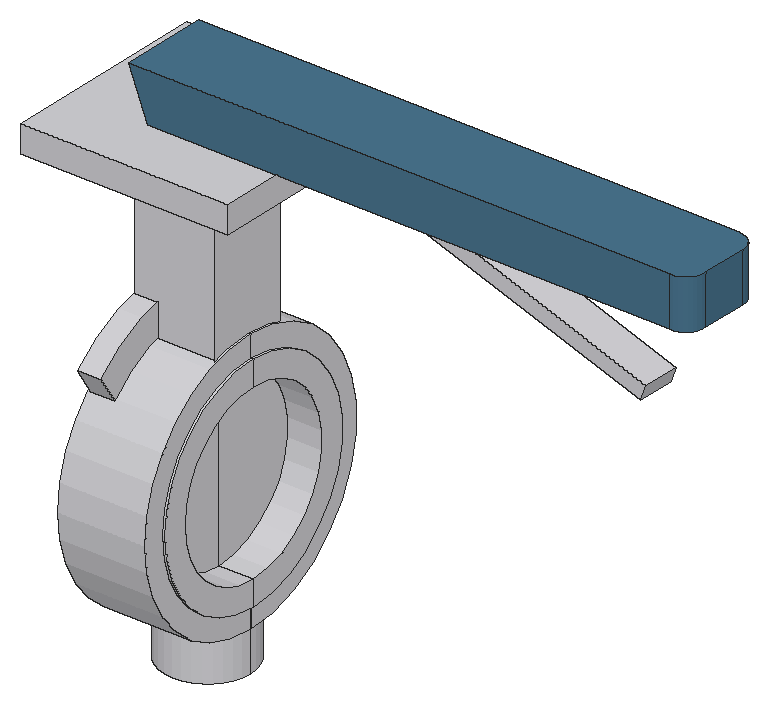
Revit family "HPA1WSTLButterfly Valve Lever", category Pipe Accessories, Revit 2018
Family settings
  Round Connector Dimension = Use Diameter
  Part Type = Normal
  Work Plane-Based = No
  Always vertical = Yes
  Cut with Voids When Loaded = No
  Shared = No
Parameters (values of type "Standard")
  pipe radius [instance] = Pipe Diameter / 2  # 1.750"
  Weight [instance] = size_lookup(LookupTable, "Weight", "NA", Nominal Diameter)  # "10.8 lbs."
  URL = "http://www.fnw.com"
  Standards Lookup Table = "Standards"  # constant formula
  Show Lever Clearance [instance] = no
  R3 [instance] = size_lookup(LookupTable, "R3", 0.000", Nominal Diameter)  # 2.250"
  R2 [instance] = size_lookup(LookupTable, "R2", 0.000", Nominal Diameter)  # 3.3125"
  R1 [instance] = size_lookup(LookupTable, "R1", 0.000", Nominal Diameter)  # 2.6875"
  Product ID [instance] = size_lookup(LookupTable, "ProductID", "NA", Nominal Diameter)  # "7239453"
  Pipe Diameter [instance] = size_lookup(Standards Lookup Table, "pipe_dia", 0.000", Nominal Diameter)  # 3.500"
  Part Number [instance] = size_lookup(LookupTable, "PartNumber", "NA", Nominal Diameter)  # "FNWHPA1WSTLM"
  Nominal Diameter [instance] = 3"
  LookupTable = "HPA 1WSTL Butterfly Valve Levery"  # constant formula
  L4 [instance] = size_lookup(LookupTable, "L4", 0.000", Nominal Diameter)  # 0.470"
  L3 [instance] = size_lookup(LookupTable, "L3", 0.000", Nominal Diameter)  # 0.060"
  L2 [instance] = size_lookup(LookupTable, "L2", 0.000", Nominal Diameter)  # 0.060"
  L1 [instance] = size_lookup(LookupTable, "L1", 0.000", Nominal Diameter)  # 1.640"
  H4 [instance] = size_lookup(LookupTable, "H4", 0.000", Nominal Diameter)  # 6.400"
  H3 [instance] = size_lookup(LookupTable, "H3", 0.000", Nominal Diameter)  # 5.850"
  H2 [instance] = size_lookup(LookupTable, "H2", 0.000", Nominal Diameter)  # 5.025"
  H1 [instance] = size_lookup(LookupTable, "H1", 0.000", Nominal Diameter)  # 3.4925"
  Description BOM [instance] = size_lookup(LookupTable, "Description_BOM", "NA", Nominal Diameter)  # "3 SS SS ULTRA 150# WAFER HP BFV LO"
  D2 [instance] = size_lookup(LookupTable, "D2", 0.000", Nominal Diameter)  # 1.760"
  D1 [instance] = size_lookup(LookupTable, "D1", 0.000", Nominal Diameter)  # 4.220"
  A1 [instance] = 33.00°  # constant formula
  1_Z4 [instance] = size_lookup(LookupTable, "1_Z4", 0.000", Nominal Diameter)  # 0.3125"
  1_Z3 [instance] = size_lookup(LookupTable, "1_Z3", 0.000", Nominal Diameter)  # 0.500"
  1_Z2 [instance] = size_lookup(LookupTable, "1_Z2", 0.000", Nominal Diameter)  # 1.000"
  1_Y3 [instance] = size_lookup(LookupTable, "1_Y3", 0.000", Nominal Diameter)  # 0.375"
  1_X5 [instance] = size_lookup(LookupTable, "1_X5", 0.000", Nominal Diameter)  # 5.255"
  1_X4 [instance] = size_lookup(LookupTable, "1_X4", 0.000", Nominal Diameter)  # 4.204"
  1_X3 [instance] = size_lookup(LookupTable, "1_X3", 0.000", Nominal Diameter)  # 10.510"
  1_X2 [instance] = size_lookup(LookupTable, "1_X2", 0.000", Nominal Diameter)  # 2.110"
Reference planes (in)
  plane 1 "Center (Front/Back)": y = 0
  plane 2: z = 0
  plane 3 "Center (Left/Right)": x = 0
  plane 4: y = 0.82
  plane 5: y = -0.82
  plane 6: x = -0.82
  plane 7: x = 0.82
  plane 8: x = -0.88
  plane 9: x = 0.88
  plane 10: z = -2.6875
  plane 11: z = 2.6875
  plane 12: z = -3.3125
  plane 13: z = 3.3125
  plane 14: z = -3.4925
  plane 15: z = 5.025
  plane 16: z = 5.85
  plane 17 "Pad Top": z = 6.4
  plane 18: x = -2.11
  plane 19: x = 2.11
  plane 20: z = 1.75
  plane 21: x = -0.94
  plane 22: x = 0.94
  plane 23: z = 2.25
  plane 24: x = -0.235
  plane 25: x = 0.235
  plane 26: z = -2.25
  plane 27: x = -0.35
Forms (in)
  Extrusion 1, solid, material "Steel, Stainless hp"
    sketch origin (0, 0, 0) x (1, 0, 0) y (0, 1, 0)
      loop
        line (-2.11, 2.11) -> (-2.11, -2.11) -> (2.11, -2.11) -> (2.11, 2.11) -> (-2.11, 2.11)
    from 5.85 to 6.4
  Revolve 2, solid, material "Steel, Stainless hp"
    sketch origin (0, 0, 0) x (1, 0, 0) y (0, 0, 1)
      loop
        line (-0.88, 2.25) -> (0.88, 2.25) -> (0.88, 2.6875) -> (-0.88, 2.6875) -> (-0.88, 2.25)
      axis (-0.88, 0) -> (0.88, 0)
    angle from 0 to 360
  Revolve 3, solid, material "Steel, Stainless hp"
    sketch origin (0, 0, 0) x (1, 0, 0) y (0, 0, 1)
      loop
        line (-0.94, 2.25) -> (-0.94, 1.75) -> (-0.235, 1.75) -> (-0.235, 0) -> (0.235, 0) -> (0.235, 1.75) -> (0.94, 1.75) -> (0.94, 2.25) -> (-0.94, 2.25)
      axis (0.94, 0) -> (-0.94, 0)
    angle from 0 to 360
  Extrusion 4, solid, material "Steel, Stainless hp"
    sketch origin (0, 0, 0) x (1, 0, 0) y (0, 1, 0)
      loop
        line (-0.82, 0.82) -> (-0.82, -0.82) -> (0.82, -0.82) -> (0.82, 0.82) -> (-0.82, 0.82)
    from 2.25 to 5.025
  Extrusion 5, solid, material "Steel, Stainless hp"
    sketch origin (0, 0, 0) x (1, 0, 0) y (0, 1, 0)
      loop
        line (-0.82, 0.82) -> (-0.82, -0.82) -> (0.82, -0.82) -> (0.82, 0.82) -> (-0.82, 0.82)
    from 5.025 to 5.85
  Extrusion 6, solid, material "Steel, Stainless hp"
    sketch origin (0, 0, 0) x (1, 0, 0) y (0, 1, 0)
      loop
        circle (0, 0) r 0.88
    from -3.4925 to -2.25
  Extrusion 7, solid, material "Steel, Stainless hp"
    sketch origin (0, 0, 0) x (0, 1, 0) y (0, 0, 1)
      loop
        arc (2.26724, 2.41501) -> (0, 3.3125) -> (-2.26724, 2.41501) r 3.3125
        line (-2.26724, 2.41501) -> (-1.92007, 1.88042)
        arc (-1.92007, 1.88042) -> (0, 2.6875) -> (1.92007, 1.88042) r 2.6875
        line (1.92007, 1.88042) -> (2.26724, 2.41501)
    from -0.82 to -0.35
Dimensions and locks (in)
  equal spacing: plane 5, plane 1 "Center (Front/Back)", plane 4
  "L1": plane 5 to plane 4
  equal spacing: plane 7, plane 3 "Center (Left/Right)", plane 6
  "L1": plane 7 to plane 6
  "L2": plane 6 to plane 8
  "L2": plane 7 to plane 9
  "R1": plane 2 to plane 10
  "R1": plane 11 to plane 2
  "R2": plane 13 to plane 2
  "R2": plane 2 to plane 12
  "H1": plane 2 to plane 14
  "H2": plane 15 to plane 2
  "H3": plane 16 to plane 2
  "H4": plane 17 "Pad Top" to plane 2
  equal spacing: plane 18, plane 3 "Center (Left/Right)", plane 19
  "D1": plane 18 to plane 19
  "pipe radius": plane 20 to plane 2
  "L3": plane 21 to plane 8
  "L3": plane 9 to plane 22
  "R3": plane 23 to plane 2
  equal spacing: plane 25, plane 3 "Center (Left/Right)", plane 24
  "L4": plane 25 to plane 24
  "R3": plane 2 to plane 26
  "L4": plane 27 to plane 6
  equal spacing: Extrusion 1 sketch curve, plane 3 "Center (Left/Right)", Extrusion 1 sketch curve
  equal spacing: Extrusion 1 sketch curve, plane 1 "Center (Front/Back)", Extrusion 1 sketch curve
  "D1": Extrusion 1 sketch curve to Extrusion 1 sketch curve  (x2)
  equal spacing: Extrusion 5 sketch curve, plane 3 "Center (Left/Right)", Extrusion 5 sketch curve
  "L1": Extrusion 5 sketch curve to Extrusion 5 sketch curve  (x2)
  equal spacing: Extrusion 5 sketch curve, plane 1 "Center (Front/Back)", Extrusion 5 sketch curve
  equal spacing: Extrusion 7 sketch curve, plane 1 "Center (Front/Back)", Extrusion 7 sketch curve  (x2)
  "D2": diameter of Extrusion 6 sketch curve
  radius of Revolve 2 = 2.6875"  (x2)
  "R2": radius of Extrusion 7 sketch curve
  "R1": radius of Extrusion 7 sketch curve
  "A1": angle Extrusion 7 sketch curve to plane 1 "Center (Front/Back)"
  "A1": angle plane 1 "Center (Front/Back)" to Extrusion 7 sketch curve
  aligned and locked: plane 2 to level
  aligned and locked: Extrusion 1 to plane 16
  aligned and locked: plane 17 "Pad Top" to Extrusion 1
  aligned and locked: Revolve 2 sketch curve to plane 2
  aligned and locked: Revolve 2 sketch curve to plane 8
  aligned and locked: plane 9 to Revolve 2 sketch curve
  aligned and locked: Revolve 2 sketch curve to plane 23
  aligned and locked: plane 11 to Revolve 2 sketch curve
  aligned and locked: plane 2 to Revolve 3 sketch curve  (x2)
  aligned and locked: Revolve 3 sketch curve to plane 20  (x2)
  aligned and locked: Revolve 3 sketch curve to plane 23
  aligned and locked: plane 21 to Revolve 3 sketch curve
  aligned and locked: Revolve 3 sketch curve to plane 22
  aligned and locked: plane 6 to Extrusion 4 sketch curve
  aligned and locked: plane 4 to Extrusion 4 sketch curve
  aligned and locked: plane 7 to Extrusion 4 sketch curve
  aligned and locked: plane 5 to Extrusion 4 sketch curve
  aligned and locked: Extrusion 4 to plane 23
  aligned and locked: plane 15 to Extrusion 4
  aligned and locked: Extrusion 5 to plane 15
  aligned and locked: plane 16 to Extrusion 5
  aligned and locked: plane 14 to Extrusion 6
  aligned and locked: Extrusion 6 to plane 26
  aligned and locked: plane 25 to Revolve 3 sketch curve
  aligned and locked: Revolve 3 sketch curve to plane 24
  aligned and locked: Extrusion 7 to plane 6
  aligned and locked: plane 27 to Extrusion 7
Automatic sketch dimensions
  plane 18 to Revolve 2 sketch curve = 1.38258"
  plane 19 to Revolve 2 sketch curve = 0.67957"
  plane 18 to Revolve 3 sketch curve = 0.55945"
  Revolve 3 sketch curve to plane 24 = 0.0725"
  plane 1 "Center (Front/Back)" to Extrusion 6 sketch curve = 0.000"
  Extrusion 6 sketch curve to plane 3 "Center (Left/Right)" = 0.000"
  Extrusion 7 sketch curve to Extrusion 7 sketch curve = 0.000"  (x2)
  Extrusion 7 sketch curve to level = 0.000"
  Extrusion 7 sketch curve to plane 20 = 0.13042"
Nested families (in)
  nested 1: "std-butterfly lever HP" at (0, 0, 6.4), 1_Y1 <- "D2", Show Lever Clearance <- "Show Lever Clearance", 1_X2 <- "1_X2", 1_X3 <- "1_X3", 1_X4 <- "1_X4", 1_X5 <- "1_X5", 1_Z3 <- "1_Z3", 1_Z4 <- "1_Z4", 1_Z2 <- "1_Z2", 1_Y3 <- "1_Y3", type "std-butterfly lever HP"
    with Show Lever Clearance no, End 0.500", Clearance Hieght 6.000", 1_Z4 0.3125", 1_Z3 0.500", 1_Z2 1.000", 1_Y3 0.375", 1_Y1_Half 0.880", 1_Y1 1.760", 1_X5 5.255", 1_X4 4.204", 1_X3 10.510", 1_X2 2.110"
Connectors (in)
  piping at (-0.88, 0, 0), diameter 3, driven by "Nominal Diameter"
    settings: on Revolve 2, index 1, connector inside diameter 24", connector length 0.000", flow factor 0, pipe flow 0 GPM, pressure drop 0.00 psi, fitting loss kfactor 0, connector angle 0.00°, fixture units 0, engagement length 0.000", angle of deflection 0.00°, flow configuration 0, flow direction 0, fitting loss method 0, system type 7, joint type 0, gender type 0, connector reference index -1, connector utility 0, adjustable connector no, is connector primary yes, connector description ""
  piping at (0.88, 0, 0), diameter 3, driven by "Nominal Diameter"
    settings: on Revolve 2, index 2, connector inside diameter 24", connector length 0.000", flow factor 0, pipe flow 0 GPM, pressure drop 0.00 psi, fitting loss kfactor 0, connector angle 0.00°, fixture units 0, engagement length 0.000", angle of deflection 0.00°, flow configuration 0, flow direction 0, fitting loss method 0, system type 7, joint type 0, gender type 0, connector reference index -1, connector utility 0, adjustable connector no, is connector primary no, connector description ""
Definition of nested family "std-butterfly lever HP"
  Parameters (values of type "std-butterfly lever HP")
    fillet = 0.41406"  # constant formula
    Show Lever Clearance [instance] = yes
    LAngle = 19.00°  # constant formula
    End [instance] = 0.500"  # constant formula
    Clearance Hieght [instance] = 6.000"  # constant formula
    1_Z4 [instance] = 0.30881"
    1_Z3 [instance] = 0.125"
    1_Z2 [instance] = 1.000"
    Default Elevation = 48.000"
    1_Y3 [instance] = 0.375"
    1_Y1_Half [instance] = [1_Y1] / 2  # 1.000"
    1_Y1 [instance] = 2.000"
    1_X5 [instance] = 6.250"
    1_X4 [instance] = 5.11184"
    1_X3 [instance] = 12.000"
    1_X2 [instance] = 1.000"
  Reference planes (in)
    plane 1 "Center (Front/Back)": y = 0
    plane 2: z = 0
    plane 3 "Center (Left/Right)": x = 0
    plane 4 "Handle End": x = 11.5
    plane 5: x = 5.11184
    plane 6 "Top": z = 1
    plane 7: x = 1
    plane 8: x = 12
    plane 9: x = -1
    plane 10: x = 5.11184
    plane 11: y = 2
    plane 12: y = -2
  Forms (in)
    Extrusion 1, solid
      sketch origin (0, 0, 0) x (1, 0, 0) y (0, 1, 0)
        loop
          line (-1, 1) -> (-1, -1) -> (11.58594, -1)
          arc (11.58594, -1) -> (11.87872, -0.87872) -> (12, -0.58594) r 0.41406
          line (12, -0.58594) -> (12, 0.58594)
          arc (12, 0.58594) -> (11.87872, 0.87872) -> (11.58594, 1) r 0.41406
          line (11.58594, 1) -> (-1, 1)
      from 0 to 1
    Sweep 2, solid
      path origin (0, 0, 0) x (1, 0, 0) y (0, 0, 1)
        loop
          line (5.11184, 0) -> (11.02133, -2.0348)
      profile origin (8.06658, 0, -1.0174) x (0.325568, 0, 0.945519) y (0, -1, 0)
        loop
          line (0.15441, 0.375) -> (-0.15441, 0.375) -> (-0.15441, -0.375) -> (0.15441, -0.375) -> (0.15441, 0.375)
    Extrusion 3, solid, visible <- "Show Lever Clearance"
      sketch origin (0, 0, 0) x (1, 0, 0) y (0, 1, 0)
        loop
          line (0, 0) -> (0, -12)
          arc (0, -12) -> (8.48528, -8.48528) -> (12, 0) r 12
          line (12, 0) -> (0, 0)
      from 0 to 6 <- "Clearance Hieght"
    Extrusion 4, void
      sketch origin (0, 0, 0) x (1, 0, 0) y (0, 0, 1)
        loop
          line (-0.5, 0) -> (-1, 1) -> (-1, 0) -> (-0.5, 0)
      from -2 to 2
  Cuts and joins
    Extrusion 4 cuts Extrusion 1
  Lines and regions (in)
    reference lines
      curve 1: line (0, 1.76326, 0) -> (0, -1.76326, 0)
      curve 2: line (1.27406, 0, 0) -> (-2.01203, 0, 0)
  Dimensions and locks (in)
    "1_Z2": plane 6 "Top" to level
    "1_X2": plane 3 "Center (Left/Right)" to plane 7
    "1_Y1_Half": plane 9 to plane 3 "Center (Left/Right)"
    "End": plane 4 "Handle End" to plane 8
    "1_X3": plane 3 "Center (Left/Right)" to plane 8
    "1_X4": plane 3 "Center (Left/Right)" to plane 5
    "1_X4": plane 10 to plane 3 "Center (Left/Right)"
    "1_X5": Sweep 2 sketch curve to Sweep 2 sketch curve
    "1_Y3": Sweep 2 sketch curve to profile plane
    "1_Y3": profile plane to Sweep 2 sketch curve
    equal spacing: Sweep 2 sketch curve, profile plane, Sweep 2 sketch curve
    "1_Z4": Sweep 2 sketch curve to Sweep 2 sketch curve
    "1_Y1": plane 12 to plane 1 "Center (Front/Back)"
    "1_Y1": plane 1 "Center (Front/Back)" to plane 11
    "1_X3": Extrusion 3 sketch curve to Extrusion 3 sketch curve  (x2)
    "1_Y1_Half": plane 1 "Center (Front/Back)" to Extrusion 1 sketch curve
    "1_Y1_Half": Extrusion 1 sketch curve to plane 1 "Center (Front/Back)"
    "1_X3": radius of Extrusion 3 sketch curve
    "fillet": radius of Extrusion 1 sketch curve  (x2)
    "LAngle": angle Sweep 2 sketch curve to plane 2
    aligned and locked: plane 2 to level
    aligned and locked: plane 6 "Top" to Extrusion 1
    aligned and locked: Extrusion 1 to level
    aligned and locked: plane 9 to Extrusion 1 sketch curve
    aligned and locked: Extrusion 1 sketch curve to plane 8
    aligned and locked: Extrusion 4 sketch curve to plane 2
    aligned and locked: Extrusion 4 sketch curve to plane 9
    aligned and locked: Extrusion 4 to plane 11
    aligned and locked: Extrusion 4 to plane 12
  Automatic sketch dimensions
    plane 1 "Center (Front/Back)" to curve 2 = 0.000"
    curve 1 to plane 3 "Center (Left/Right)" = 0.000"
    plane 1 "Center (Front/Back)" to curve 1 = 1.76326"
    curve 2 to plane 3 "Center (Left/Right)" = 2.01203"
    curve 1 to plane 1 "Center (Front/Back)" = 1.76326"
    plane 7 to curve 2 = 0.27406"
    Extrusion 4 sketch curve to plane 6 "Top" = 0.000"
    Extrusion 4 sketch curve to plane 3 "Center (Left/Right)" = 0.500"
    Sweep 2 sketch curve to level = 0.000"
    Sweep 2 sketch curve to plane 10 = 0.000"
    Extrusion 3 sketch curve to plane 3 "Center (Left/Right)" = 0.000"
    plane 1 "Center (Front/Back)" to Extrusion 3 sketch curve = 0.000"
